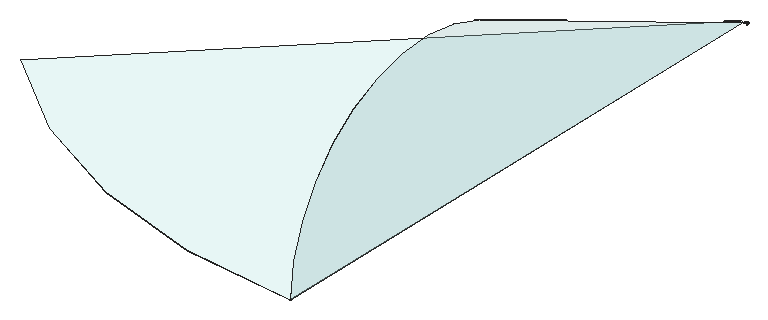
Revit family "Rotor XLR Series - XLRADJNPT", category Acessórios do tubo, Revit 2020
Family settings
  Cota do conector redondo = Utilizar diâmetro
  Tipo de parte = Normal
  Número OmniClass = 23.60.30.11.14
  Título OmniClass = Pipework Fittings
  Com base no plano de trabalho = Não
  Sempre na vertical = Sim
  Corte com vazios quando carregada = Não
  Compartilhado = Não
Parameters (values of type "Nozzle 1.10")
  Water = Water
  URL = "https://www.rainbird.com/"
  TABLE 90 = "TABLE 90psi"
  TABLE 80 = "TABLE 80psi"
  TABLE 60 = "TABLE 60psi"
  TABLE 70 = "TABLE 70psi"
  TABLE 50 = "TABLE 50psi"
  TABLE 40 = "TABLE 40psi"
  TABLE 30 = "TABLE 30psi"
  TABLE 120 = "TABLE 120psi"
  TABLE 110 = "TABLE 110psi"
  TABLE 100 = "TABLE 100psi"
  SupportProjetos: Reviw Date = ""  # constant formula
  SupportProjetos: Reviw = "R00"  # constant formula
  SupportProjetos: Level of Detail = "LOD 300"  # constant formula
  SupportProjetos: Developed = "MICHEL SOARES MOTA"  # constant formula
  SupportProjetos: Creation Date = "14/08/2020"  # constant formula
  Side inlet = no
  Rotation Water Visibility [instance] = Pop up on  # yes
  Rotation Angle [instance] = 45.00°
  RainBird: Product Link = "https://www.rainbird.com/"
  RainBird: Description = "XLRADJNPT Rotor "  # constant formula
  RainBird: Comment [instance] = ""
  RainBird: Code = "XLRADJNPT"  # constant formula
  Radius [instance] = if(and(Pressure = 30.0 psi, Instance < 10 ft), size_lookup(TABLE 30, "Radius", 0 ft, Instance), if(and(Pressure = 40.0 psi, Instance < 19 ft), size_lookup(TABLE 40, "Radius", 0 ft, Instance), if(and(Pressure = 50.0 psi, Instance < 19 ft), size_lookup(TABLE 50, "Radius", 0 ft, Instance), if(and(Pressure = 60.0 psi, Instance < 19 ft), size_lookup(TABLE 60, "Radius", 0 ft, Instance), if(and(Pressure = 70.0 psi, Instance < 19 ft), size_lookup(TABLE 70, "Radius", 0 ft, Instance), if(and(Pressure = 80.0 psi, Instance < 19 ft), size_lookup(TABLE 80, "Radius", 0 ft, Instance), if(and(Pressure = 90.0 psi, Instance < 19 ft), size_lookup(TABLE 90, "Radius", 0 ft, Instance), if(and(Pressure = 100.0 psi, Instance < 19 ft), size_lookup(TABLE 100, "Radius", 0 ft, Instance), if(and(Pressure = 110.0 psi, Instance < 19 ft), size_lookup(TABLE 100, "Radius", 0 ft, Instance), if(and(Pressure = 120.0 psi, Instance > 10 ft), size_lookup(TABLE 120, "Radius", 0 ft, Instance), 0 ft))))))))))  # 104 ft
  RT = 0.009893 ft
  RN = 0.044578 ft
  R5 = 0.03937 ft
  R4 = 0.052124 ft
  R3 = 0.065617 ft
  R2 = 0.088998 ft
  R1 = 0.032808 ft
  Pressure [instance] = 30.0 psi
  Pop up height = 0.164042 ft
  Pop up on [instance] = yes
  Modelo = "XLRADJNPT"  # constant formula
  Instance = 9 ft
  H1 = Body height / 3  # 0.047351 ft
  Gray Plastic = Gray Plastic
  Flow [instance] = if(and(Pressure = 30.0 psi, Instance < 10 ft), size_lookup(TABLE 30, "Flow", 0.0 GPM, Instance), if(and(Pressure = 40.0 psi, Instance < 19 ft), size_lookup(TABLE 40, "Flow", 0.0 GPM, Instance), if(and(Pressure = 50.0 psi, Instance < 19 ft), size_lookup(TABLE 50, "Flow", 0.0 GPM, Instance), if(and(Pressure = 60.0 psi, Instance < 19 ft), size_lookup(TABLE 60, "Flow", 0.0 GPM, Instance), if(and(Pressure = 70.0 psi, Instance < 19 ft), size_lookup(TABLE 70, "Flow", 0.0 GPM, Instance), if(and(Pressure = 80.0 psi, Instance < 19 ft), size_lookup(TABLE 80, "Flow", 0.0 GPM, Instance), if(and(Pressure = 90.0 psi, Instance < 19 ft), size_lookup(TABLE 90, "Flow", 0.0 GPM, Instance), if(and(Pressure = 100.0 psi, Instance < 19 ft), size_lookup(TABLE 100, "Flow", 0.0 GPM, Instance), if(and(Pressure = 110.0 psi, Instance < 19 ft), size_lookup(TABLE 100, "Flow", 0.0 GPM, Instance), if(and(Pressure = 120.0 psi, Instance > 10 ft), size_lookup(TABLE 120, "Flow", 0.0 GPM, Instance), 0.0 GPM))))))))))  # 189.0 GPM
  Fabricante = "Rain Bird"
  Elevação padrão = 0 ft
  Description = RainBird: Description  # "XLRADJNPT Rotor "
  DD13 = 0.002625 ft
  DD12 = 0.003937 ft
  DD11 = 0.009897 ft
  DD10 = 0.016404 ft
  DD8 [instance] = if(Pop up on, Pop up height, 0 ft)  # 0.164042 ft
  DD7 = 0.019685 ft
  DD6 [instance] = 0.016404 ft
  DD5 = 0.065617 ft
  DD4 = 0.82021 ft
  DD3 = 0.044055 ft
  DD2 [instance] = 0.024514 ft
  DD9 [instance] = if(Pop up on, Pop up height + 0.049541 ft, 0.026247 ft)  # 0.213583 ft
  DD1 = 0.006562 ft
  DD = 0.492126 ft
  Conection = 0.062664 ft  # constant formula
  Cobre = Cobre
  Body height = 0.142054 ft
  Blue = Blue Plastic
  Black Plastic = Black Plastic
  Angle = 24.00°
Types (10, lengths in ft): name | Radius | Instance | Flow | Angle
  (no name) | 104 | 9 | 189.0 GPM | 24.00°
  Nozzle 0.47 | 81 | 1 | 35.0 GPM | 25.00°
  Nozzle 0.55 | 88 | 2 | 48.0 GPM | 25.00°
  Nozzle 0.63 | 96 | 3 | 62.0 GPM | 25.00°
  Nozzle 0.71 | 98 | 4 | 78.0 GPM | 25.00°
  Nozzle 0.79 | 99 | 5 | 97.0 GPM | 25.00°
  Nozzle 0.87 | 101 | 6 | 117.0 GPM | 25.00°
  Nozzle 0.94 | 102 | 7 | 139.0 GPM | 25.00°
  Nozzle 1.02 | 103 | 8 | 164.0 GPM | 25.00°
  Nozzle 1.10 | 104 | 9 | 189.0 GPM | 24.00°
Reference planes (ft)
  plane 1 "Centro (Frente/Trás)": y = 0
  plane 2: z = 0
  plane 3 "Centro (Esquerda/Direita)": x = 0
  plane 4: z = 0.003937
  plane 5: z = 0.002625
  plane 6: y = -0.065617
Forms (ft)
  Revolve 1, solid, material "Cobre" <- "Cobre"
    sketch origin (0, 0, 0) x (1, 0, 0) y (0, 0, 1)
      loop
        line (0.088998, -0.044055) -> (0.088998, -0.016154) -> (0.110538, -0.016154) -> (0.110538, 0.02344)
        arc (0.110538, 0.02344) -> (0.108361, 0.028697) -> (0.103103, 0.030875) r 0.007435
        line (0.103103, 0.030875) -> (0.088998, 0.030875) -> (0.088998, 0.041745) -> (0.075211, 0.041745) -> (0.075211, 0.046088) -> (0.006562, 0.046088) -> (0.006562, -0.044055) -> (0.03937, -0.044055) -> (0.03937, -0.051181) -> (0.019685, -0.051181) -> (0.019685, -0.138545) -> (0.044578, -0.138545) -> (0.044578, -0.142054) -> (0.052124, -0.142054) -> (0.052124, -0.138545) -> (0.073088, -0.138545)
        arc (0.073088, -0.138545) -> (0.080084, -0.135647) -> (0.082981, -0.128652) r 0.009893
        line (0.082981, -0.128652) -> (0.082981, -0.044055) -> (0.088998, -0.044055)
      axis (0, -0.142054) -> (0, 0.046088)
    angle from 0 to 360
  Extrusion 2, solid, material "Water" <- "Water", visible <- "Rotation Water Visibility"
    sketch origin (0, 0, 0) x (0, 1, 0) y (0, 0, 1)
      loop
        line (-0.82021, 0.494751) -> (-61.375696, 27.45579)
        arc (-61.375696, 27.45579) -> (-90.239007, 25.482231) -> (-104.82021, 0.494751) r 30.901722
        line (-104.82021, 0.494751) -> (-0.82021, 0.494751)
    from -0.008202 to 0.008202
  Extrusion 3, solid, material "Gray Plastic" <- "Gray Plastic", visible <- "Pop up on"
    sketch origin (-0.00137, -0.002795, -0.035698) x (-0.00469, 0.999989, 0) y (0, 0, 1)
      loop
        line (-0.060666, 0.164299) -> (-0.067193, 0.150302) -> (-0.091523, 0.174632) -> (-0.076533, 0.180087) -> (-0.173316, 0.23824) -> (-0.173316, 0.217407) -> (-0.777521, 0.499153) -> (-0.786354, 0.485017)
        arc (-0.786354, 0.485017) -> (-0.787942, 0.475525) -> (-0.782353, 0.46769) r 0.012575
        line (-0.782353, 0.46769) -> (-0.563338, 0.330834) -> (-0.571008, 0.316408) -> (-0.564625, 0.307292)
        arc (-0.564625, 0.307292) -> (-0.552881, 0.296049) -> (-0.537729, 0.290157) r 0.041667
        line (-0.537729, 0.290157) -> (-0.503282, 0.284083) -> (-0.499035, 0.292071) -> (-0.201965, 0.134116) -> (-0.233075, 0.094297) -> (-0.213694, 0.081224) -> (-0.155969, 0.155109)
        arc (-0.155969, 0.155109) -> (-0.142811, 0.162859) -> (-0.127902, 0.159554) r 0.020833
        line (-0.127902, 0.159554) -> (-0.062866, 0.115687) -> (-0.062866, 0.094673) -> (-0.085994, 0.088245) -> (-0.070938, 0.081224) -> (0.037968, 0.081224) -> (0.040501, 0.065363) -> (0.040501, 0.035698) -> (0.04524, 0.035698) -> (0.050298, 0.081224) -> (0.050298, 0.100559) -> (0.072978, 0.106863)
        arc (0.072978, 0.106863) -> (0.078924, 0.117387) -> (0.068401, 0.123333) r 0.008547
        line (0.068401, 0.123333) -> (0.050298, 0.110657) -> (0.050298, 0.157737)
        arc (0.050298, 0.157737) -> (0.048376, 0.162377) -> (0.043737, 0.164299) r 0.006562
        line (0.043737, 0.164299) -> (-0.060666, 0.164299)
      loop
        line (-0.034211, 0.143466) -> (-0.034211, 0.125376) -> (-0.014598, 0.11623) -> (0.01821, 0.11623) -> (0.040501, 0.108117) -> (0.040501, 0.143466) -> (-0.034211, 0.143466)
      loop
        line (-0.034211, 0.107286) -> (-0.014889, 0.094253) -> (0.040501, 0.094253) -> (0.040501, 0.104202) -> (0.016551, 0.106863) -> (-0.016257, 0.106863) -> (-0.034211, 0.118973) -> (-0.034211, 0.107286)
      loop
        line (-0.489598, 0.297212) -> (-0.199671, 0.149812) -> (-0.182085, 0.167398)
        arc (-0.182085, 0.167398) -> (-0.179498, 0.175243) -> (-0.184266, 0.18199) r 0.009177
        line (-0.184266, 0.18199) -> (-0.471989, 0.334974) -> (-0.489598, 0.297212)
    from -0.012219 to 0.012755
  Blend 4, solid, material "Gray Plastic" <- "Gray Plastic"
    base sketch origin (0, 0, 0.06238) x (1, 0, 0) y (0, 0, 1)
      loop
        circle (-0.001423, 0.087635) r 0.041667
    top sketch origin (0, 0, 0.06238) x (1, 0, 0) y (0, 0, 1)
      loop
        circle (0.000866, 0.336735) r 0.028016
    from 0 to 0.579976
  Extrusion 5, solid, material "Black Plastic" <- "Black Plastic"
    sketch origin (0, 0, 0) x (0, 1, 0) y (0, 0, 1)
      loop
        line (-0.579976, 0.3711) -> (-0.579976, 0.426781) -> (-0.609736, 0.440658) -> (-0.644818, 0.440658) -> (-0.696216, 0.454431) -> (-0.70502, 0.435549) -> (-0.648376, 0.409136) -> (-0.579976, 0.3711)
      loop
        line (-0.780261, 0.463406) -> (-0.726759, 0.438458) -> (-0.737248, 0.463167) -> (-0.776875, 0.476043) -> (-0.780261, 0.463406)
    from -0.0135 to 0.012198
  Extrusion 6, solid, material "Black Plastic" <- "Black Plastic"
    sketch origin (0, 0, 0) x (1, 0, 0) y (0, 1, 0)
      loop
        line (-0.048613, 0.053206) -> (-0.048613, -0.057819) -> (0.046082, -0.057819) -> (0.046082, 0.053206) -> (-0.048613, 0.053206)
      loop
        line (-0.013931, 0.047562) -> (-0.013931, -0.04228) -> (0.011642, -0.04228) -> (0.011642, 0.047562) -> (-0.013931, 0.047562)
    from 0.107768 to 0.175306
Dimensions and locks (ft)
  "Body height": level to Revolve 1 sketch curve
  "R2": Revolve 1 sketch curve to plane 3 "Centro (Esquerda/Direita)"
  "DD3": level to Revolve 1 sketch curve
  Revolve 1 sketch curve to plane 3 "Centro (Esquerda/Direita)" = 0.082981 ft
  "R4": Revolve 1 sketch curve to plane 3 "Centro (Esquerda/Direita)"
  "RN": Revolve 1 sketch curve to plane 3 "Centro (Esquerda/Direita)"
  "DD7": Revolve 1 sketch curve to plane 3 "Centro (Esquerda/Direita)"
  "DD12": plane 4 to level
  "DD13": plane 5 to level
  "R3": plane 6 to plane 1 "Centro (Frente/Trás)"
  "DD4": plane 1 "Centro (Frente/Trás)" to Extrusion 2 sketch curve
  "Radius": Extrusion 2 sketch curve to Extrusion 2 sketch curve
  equal spacing: Extrusion 2, plane 3 "Centro (Esquerda/Direita)", Extrusion 2
  "DD6": Extrusion 2 to Extrusion 2
  "DD": Extrusion 2 sketch curve to plane 5
  "RT": radius of Revolve 1 sketch curve
  "Angle": angle Extrusion 2 sketch curve to Extrusion 2 sketch curve
  aligned and locked: level to plane 2
  aligned and locked: Revolve 1 sketch curve to Revolve 1 sketch curve
Automatic sketch dimensions
  Blend 4 sketch curve to plane 3 "Centro (Esquerda/Direita)" = 0.001423 ft
  plane 4 to Blend 4 sketch curve = 0.146078 ft
  plane 3 "Centro (Esquerda/Direita)" to Blend 4 sketch curve = 0.000866 ft
  plane 4 to Blend 4 sketch curve = 0.395179 ft
  Extrusion 5 sketch curve to plane 6 = 0.711258 ft
  Extrusion 5 sketch curve to Extrusion 5 sketch curve = 0.039627 ft
  Extrusion 5 sketch curve to Extrusion 5 sketch curve = 0.032227 ft
  plane 4 to Extrusion 5 sketch curve = 0.450494 ft
  Extrusion 5 sketch curve to Extrusion 5 sketch curve = 0.008805 ft
  Extrusion 5 sketch curve to Extrusion 5 sketch curve = 0.056644 ft
  Extrusion 5 sketch curve to Extrusion 5 sketch curve = 0.003558 ft
  Extrusion 5 sketch curve to Extrusion 5 sketch curve = 0.035082 ft
  Extrusion 5 sketch curve to Extrusion 5 sketch curve = 0.02976 ft
  Extrusion 5 sketch curve to Extrusion 5 sketch curve = 0.013772 ft
  Extrusion 5 sketch curve to Extrusion 5 sketch curve = 0.018881 ft
  Extrusion 5 sketch curve to Extrusion 5 sketch curve = 0.013877 ft
  Extrusion 5 sketch curve to Extrusion 5 sketch curve = 0.055681 ft
  Extrusion 5 sketch curve to Extrusion 5 sketch curve = 0.008737 ft
  Extrusion 5 sketch curve to Extrusion 5 sketch curve = 0.012876 ft
  Extrusion 5 sketch curve to Extrusion 5 sketch curve = 0.003386 ft
  Extrusion 5 sketch curve to Extrusion 5 sketch curve = 0.021739 ft
  Extrusion 5 sketch curve to Extrusion 5 sketch curve = 0.002909 ft
  Extrusion 5 sketch curve to Extrusion 5 sketch curve = 0.012637 ft
  level to Extrusion 3 sketch curve = 0 ft
  plane 4 to Extrusion 3 sketch curve = 0.445383 ft
  plane 4 to Extrusion 3 sketch curve = 0.428055 ft
  Extrusion 3 sketch curve to Extrusion 3 sketch curve = 0.004 ft
  plane 4 to Extrusion 3 sketch curve = 0.459518 ft
  Extrusion 3 sketch curve to Extrusion 3 sketch curve = 0.008833 ft
  Extrusion 3 sketch curve to Extrusion 3 sketch curve = 0.010664 ft
  plane 4 to Extrusion 3 sketch curve = 0.276773 ft
  Extrusion 3 sketch curve to Extrusion 3 sketch curve = 0.211345 ft
  plane 4 to Extrusion 3 sketch curve = 0.267657 ft
  Extrusion 3 sketch curve to Extrusion 3 sketch curve = 0.006383 ft
  plane 4 to Extrusion 3 sketch curve = 0.291199 ft
  Extrusion 3 sketch curve to Extrusion 3 sketch curve = 0.00767 ft
  plane 4 to Extrusion 3 sketch curve = 0.250523 ft
  Extrusion 3 sketch curve to Extrusion 3 sketch curve = 0.026896 ft
  Extrusion 3 sketch curve to Extrusion 3 sketch curve = 0.032844 ft
  plane 4 to Extrusion 3 sketch curve = 0.244449 ft
  Extrusion 3 sketch curve to Extrusion 3 sketch curve = 0.034447 ft
  plane 4 to Extrusion 3 sketch curve = 0.252436 ft
  Extrusion 3 sketch curve to Extrusion 3 sketch curve = 0.004247 ft
  plane 4 to Extrusion 3 sketch curve = 0.257577 ft
  Extrusion 3 sketch curve to Extrusion 3 sketch curve = 0.009437 ft
  plane 4 to Extrusion 3 sketch curve = 0.29534 ft
  Extrusion 3 sketch curve to Extrusion 3 sketch curve = 0.017609 ft
  plane 4 to Extrusion 3 sketch curve = 0.054662 ft
  Extrusion 3 sketch curve to Extrusion 3 sketch curve = 0.256523 ft
  plane 4 to Extrusion 3 sketch curve = 0.041589 ft  (x2)
  Extrusion 3 sketch curve to Extrusion 3 sketch curve = 0.019381 ft
  plane 4 to Extrusion 3 sketch curve = 0.094481 ft
  plane 4 to Extrusion 3 sketch curve = 0.110178 ft
  Extrusion 3 sketch curve to Extrusion 3 sketch curve = 0.002294 ft
  Extrusion 3 sketch curve to Extrusion 3 sketch curve = 0.011097 ft
  plane 4 to Extrusion 3 sketch curve = 0.142355 ft
  Extrusion 3 sketch curve to Extrusion 3 sketch curve = 0.004308 ft
  plane 4 to Extrusion 3 sketch curve = 0.127763 ft
  Extrusion 3 sketch curve to Extrusion 3 sketch curve = 0.006489 ft
  Extrusion 3 sketch curve to Extrusion 3 sketch curve = 0.01095 ft
  plane 4 to Extrusion 3 sketch curve = 0.115474 ft
  Extrusion 3 sketch curve to Extrusion 3 sketch curve = 0.026117 ft
  Extrusion 3 sketch curve to Extrusion 3 sketch curve = 0.016417 ft
  plane 4 to Extrusion 3 sketch curve = 0.119919 ft
  Extrusion 3 sketch curve to Extrusion 3 sketch curve = 0.01165 ft
  plane 4 to Extrusion 3 sketch curve = 0.134997 ft
  Extrusion 3 sketch curve to Extrusion 3 sketch curve = 0.036379 ft
  plane 4 to Extrusion 3 sketch curve = 0.04861 ft
  Extrusion 3 sketch curve to Extrusion 3 sketch curve = 0.053557 ft
  plane 4 to Extrusion 3 sketch curve = 0.140453 ft
  Extrusion 3 sketch curve to Extrusion 3 sketch curve = 0.01499 ft
  Extrusion 3 sketch curve to Extrusion 3 sketch curve = 0.015057 ft
  plane 4 to Extrusion 3 sketch curve = 0.110667 ft
  Extrusion 3 sketch curve to Extrusion 3 sketch curve = 0.00934 ft
  plane 4 to Extrusion 3 sketch curve = 0.055039 ft
  Extrusion 3 sketch curve to Extrusion 3 sketch curve = 0.008072 ft
  plane 4 to Extrusion 3 sketch curve = 0.124664 ft
  Extrusion 3 sketch curve to Extrusion 3 sketch curve = 0.006527 ft
  plane 4 to Extrusion 3 sketch curve = 0.067651 ft
  Extrusion 3 sketch curve to Extrusion 3 sketch curve = 0.028655 ft
  Extrusion 3 sketch curve to Extrusion 3 sketch curve = 0 ft  (x3)
  plane 4 to Extrusion 3 sketch curve = 0.067228 ft  (x2)
  Extrusion 3 sketch curve to Extrusion 3 sketch curve = 0.017953 ft
  Extrusion 3 sketch curve to Extrusion 3 sketch curve = 0.001369 ft
  Extrusion 3 sketch curve to Extrusion 3 sketch curve = 0.001659 ft  (x2)
  Extrusion 3 sketch curve to Extrusion 3 sketch curve = 0.031149 ft
  Extrusion 3 sketch curve to Extrusion 3 sketch curve = 0.021417 ft
  plane 4 to Extrusion 3 sketch curve = 0.025729 ft
  Extrusion 3 sketch curve to Extrusion 3 sketch curve = 0.002534 ft  (x2)
  Extrusion 3 sketch curve to Extrusion 3 sketch curve = 0.022291 ft
  Extrusion 3 sketch curve to Extrusion 3 sketch curve = 0.003235 ft
  Extrusion 3 sketch curve to Extrusion 3 sketch curve = 0.004739 ft
  plane 4 to Extrusion 3 sketch curve = 0.071023 ft
  Extrusion 3 sketch curve to Extrusion 3 sketch curve = 0.009797 ft
  plane 4 to Extrusion 3 sketch curve = 0.060925 ft
  plane 4 to Extrusion 3 sketch curve = 0.083698 ft
  Extrusion 3 sketch curve to Extrusion 3 sketch curve = 0.018102 ft
  Extrusion 3 sketch curve to Extrusion 3 sketch curve = 0.002289 ft  (x2)
  Extrusion 3 sketch curve to Extrusion 3 sketch curve = 0.006306 ft
  Extrusion 3 sketch curve to Extrusion 3 sketch curve = 0.009949 ft
  Extrusion 3 sketch curve to Extrusion 3 sketch curve = 0.003915 ft
  Extrusion 3 sketch curve to Extrusion 3 sketch curve = 0.021013 ft
  Extrusion 3 sketch curve to Extrusion 3 sketch curve = 0.009367 ft
  Extrusion 3 sketch curve to Extrusion 3 sketch curve = 0.011687 ft
  Extrusion 3 sketch curve to Extrusion 3 sketch curve = 0.006403 ft
  Extrusion 3 sketch curve to Extrusion 3 sketch curve = 0.01809 ft
  Extrusion 3 sketch curve to Extrusion 3 sketch curve = 0.035417 ft
  Extrusion 3 sketch curve to Extrusion 3 sketch curve = 0.020833 ft
  plane 6 to Extrusion 6 sketch curve = 0.007798 ft
  Extrusion 6 sketch curve to plane 3 "Centro (Esquerda/Direita)" = 0.048613 ft
  Extrusion 6 sketch curve to plane 3 "Centro (Esquerda/Direita)" = 0.013931 ft
  plane 3 "Centro (Esquerda/Direita)" to Extrusion 6 sketch curve = 0.011642 ft
  Extrusion 6 sketch curve to Extrusion 6 sketch curve = 0.034439 ft
  plane 6 to Extrusion 6 sketch curve = 0.023337 ft
  Extrusion 6 sketch curve to plane 1 "Centro (Frente/Trás)" = 0.047562 ft
  Extrusion 6 sketch curve to Extrusion 6 sketch curve = 0.005644 ft
  Revolve 1 sketch curve to plane 3 "Centro (Esquerda/Direita)" = 0 ft
  plane 3 "Centro (Esquerda/Direita)" to Revolve 1 sketch curve = 0.006562 ft
  Revolve 1 sketch curve to Revolve 1 sketch curve = 0.019685 ft
  Revolve 1 sketch curve to Revolve 1 sketch curve = 0.013787 ft  (x2)
  Revolve 1 sketch curve to Revolve 1 sketch curve = 0.014105 ft
  Revolve 1 sketch curve to Revolve 1 sketch curve = 0.007435 ft
  Revolve 1 sketch curve to Revolve 1 sketch curve = 0.003509 ft
  Revolve 1 sketch curve to level = 0.051181 ft
  Revolve 1 sketch curve to Revolve 1 sketch curve = 0.007127 ft
  Revolve 1 sketch curve to level = 0.016154 ft
  plane 4 to Revolve 1 sketch curve = 0.019503 ft
  Revolve 1 sketch curve to Revolve 1 sketch curve = 0.010871 ft
  Revolve 1 sketch curve to Revolve 1 sketch curve = 0.004343 ft
  Revolve 1 sketch curve to Revolve 1 sketch curve = 0.074191 ft
  Revolve 1 sketch curve to Revolve 1 sketch curve = 0.918635 ft
  Extrusion 2 sketch curve to level = 0.774337 ft
  radius of Blend 4 sketch curve = 0.041667 ft
  radius of Blend 4 sketch curve = 0.028016 ft
Nested families (ft)
  nested 1: "Water" at (0.00015, 0, 0.375492) x (0, -1, 0) z (0, 0, 1), DT9 <- "DD4", Radius <- "Radius", visible <- "Rotation Water Visibility", Rotation Angle <- "Rotation Angle", type "Water"
    with Rotation Angle 45.00°, Radius 104 ft, DT9 0.82021 ft, DT8 0 ft, DT7 416 ft, DT4 520 ft, Angle 2 315.00°
Connectors (ft)
  piping at (0, 0, -0.142054), diameter 2
    settings: on Revolve 1, index 1, connector inside diameter 609.6 mm, connector length 0 ft, flow factor 0, pipe flow 0.0 GPM, pressure drop 0.0 psi, fitting loss kfactor 0, connector angle 0.00°, fixture units 0, engagement length 0 ft, angle of deflection 0.00°, flow configuration 0, flow direction 0, fitting loss method 0, system type 28, joint type 0, gender type 0, connector reference index -1, connector utility 0, adjustable connector no, is connector primary yes, connector description ""
Definition of nested family "Water"
  Parameters (values of type "Water")
    Water Visibility (Circle) = yes
    Water = none
    URL = ""
    SupportProjetos: Reviw Date = ""  # constant formula
    SupportProjetos: Level of Detail = "LOD 300"  # constant formula
    SupportProjetos: Developed = "MICHEL SOARES MOTA"  # constant formula
    SupportProjetos: Creation Date = "16/07/2020"  # constant formula
    Rotation Angle [instance] = 90.00°
    Reviw = "R00"  # constant formula
    Radius [instance] = 14 ft
    Model = ""
    Default Elevation = 4 ft
    Description = ""
    DT9 [instance] = 0.032808 ft
    DT8 [instance] = if(Rotation Angle = 360.00°, 10 ft, 0 ft)  # 0 ft
    DT7 [instance] = 4 * Radius  # 56 ft
    DT4 [instance] = 5 * Radius  # 70 ft
    DT2 = 0.098425 ft  # constant formula
    DT6 = 0 ft
    Angle 2 [instance] = if(Rotation Angle = 360.00°, 180.00°, 360.00° - Rotation Angle)  # 270.00°
  Reference planes (ft)
    plane 1 "Centro (Frente/Trás)": y = 0
    plane 2: z = 0
    plane 3 "Centro (Esquerda/Direita)": x = 0
  Forms (ft)
    Revolve 1, solid, material <- "Water", visible <- "Water Visibility (Circle)"
      sketch origin (0, 0, 0) x (1, 0, 0) y (0, 0, 1)
        loop
          line (0.032808, 0.098425) -> (14.032808, 0.098425) -> (14.032808, 0.119259) -> (0.032808, 0.119259) -> (0.032808, 0.098425)
        axis (0, 0.098425) -> (0, 0.119259)
      angle from 0 to 360
    Extrusion 2, void
      sketch origin (0, 0, 0) x (1, 0, 0) y (0, 1, 0)
        loop
          line (0, 0) -> (70, 0) -> (70, 56)
          arc (70, 56) -> (-70.459018, 51.588344) -> (0, -70) r 81.847109
          line (0, -70) -> (0, 0)
      from 0 to 15.189231
  Cuts and joins
    Extrusion 2 cuts Revolve 1
  Dimensions and locks (ft)
    "DT2": Revolve 1 sketch curve to level
    "DT4": Extrusion 2 sketch curve to Extrusion 2 sketch curve  (x2)
    "DT6": Extrusion 2 sketch curve to plane 3 "Centro (Esquerda/Direita)"
    "DT7": Extrusion 2 sketch curve to Extrusion 2 sketch curve
    "DT8": cut or joined group of Revolve 1, Extrusion 2 to level
    "Radius": Revolve 1 sketch curve to Revolve 1 sketch curve
    "DT9": Revolve 1 sketch curve to plane 3 "Centro (Esquerda/Direita)"
    "Angle 2": angle Extrusion 2 sketch curve to Extrusion 2 sketch curve
    aligned and locked: level to plane 2
    aligned and locked: plane 1 "Centro (Frente/Trás)" to Extrusion 2 sketch curve
  Automatic sketch dimensions
    plane 3 "Centro (Esquerda/Direita)" to Extrusion 2 sketch curve = 1.088227 ft
    Revolve 1 sketch curve to plane 3 "Centro (Esquerda/Direita)" = 0 ft
    Revolve 1 sketch curve to Revolve 1 sketch curve = 0.020833 ft
    Revolve 1 sketch curve to Revolve 1 sketch curve = 0.032113 ft
    Revolve 1 sketch curve to Revolve 1 sketch curve = 10.2693 ft
